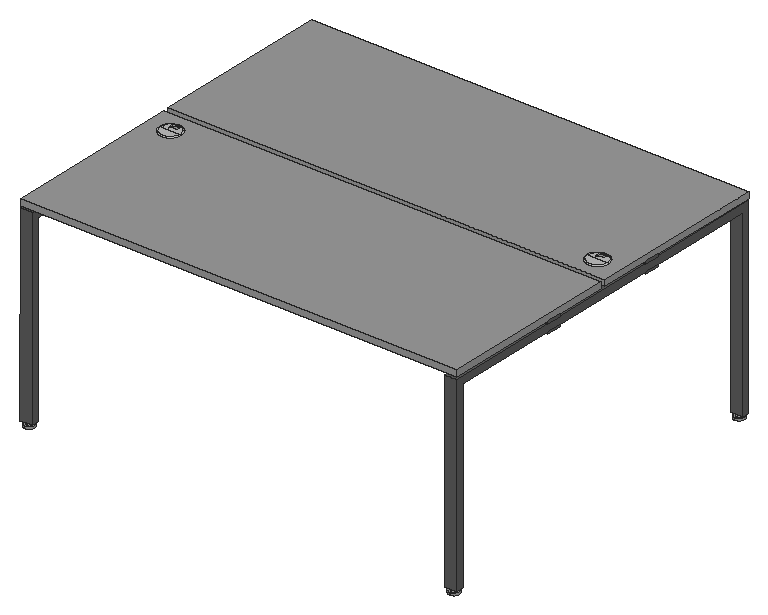
Revit family "Haworth_Tibas_Desk_DoubleWorkstations_AP_PRELIMINARY1", category Furniture, Revit 2019 (continued)
Definition of nested family "Haworth_Tibas_CableManagement_CableTraySingle-PART"
  Automatic sketch dimensions
    Extrusion 6 sketch curve to plane 4 "Top" = 41.438 mm
    Extrusion 7 sketch curve to plane 8 = 23.346 mm
    Extrusion 7 sketch curve to Extrusion 7 sketch curve = 1.2 mm  (x2)
    Extrusion 7 sketch curve to Extrusion 7 sketch curve = 0 mm  (x2)
    Extrusion 7 sketch curve to Extrusion 7 sketch curve = 28.781 mm
    plane 4 "Top" to Extrusion 7 sketch curve = 33.6 mm
    plane 5 to Extrusion 7 sketch curve = 2.2 mm
    Extrusion 8 sketch curve to plane 19 = 3 mm
    plane 21 to Extrusion 8 sketch curve = 2.993 mm
    Extrusion 9 sketch curve to Extrusion 9 sketch curve = 3 mm
    Extrusion 9 sketch curve to plane 23 = 2.993 mm
    Extrusion 10 sketch curve to plane 9 = 11.259 mm
    plane 5 to Extrusion 10 sketch curve = 2.2 mm
    Extrusion 10 sketch curve to plane 9 = 28.68 mm
    Extrusion 10 sketch curve to plane 8 = 24.546 mm  (x2)
    Extrusion 10 sketch curve to plane 4 "Top" = 13.4 mm
Definition of nested family "Haworth_Tibas_CableManagement_CableTrayDouble-PART"
  Parameters (values of type "Cable Tray Double")
    Warranty = "http://www.haworth.com/resources/product-info/warranties"
    URL - Product = "https://www.haworth.com/eu/products/tables/desks/tibas"
    URL = "https://www.haworth.com/ap/en.html"
    Size = "Verify Final Dim. w/ Haworth"  # constant formula
    Revision Number = "1"  # constant formula
    Model = "Haworth - Tibas"  # constant formula
    Manufacturer = "Haworth"  # constant formula
    Description = "Haworth - Tibas - Cable Tray Double - PART"  # constant formula
    Cable Tray Finish [instance] = none
    Author = "Haworth (Abd Rahman)"  # constant formula
    Assembly Code = "E2020200"
    Actual Width = 1500 mm
    Actual Height = 450 mm
    Actual Depth = 410 mm  # constant formula
  Reference planes
    plane 1: z = 0
    plane 2 "Center L/R": x = -156.859
    plane 3 "Center F/B": y = -292.1
    plane 4 "Top": z = 450
    plane 5: z = 340
    plane 6: x = -906.859
    plane 7: x = 593.141
    plane 8: y = -87.1
    plane 9: y = -497.1
    plane 10: x = -834.9
    plane 11: x = 528.1
    plane 12: x = -849.3
    plane 13: x = 536.1
    plane 14: x = -907.1
    plane 15: x = 593.9
  Forms (mm)
    Extrusion 1, solid, material <- "Cable Tray Finish"
      sketch origin (-156.859, 3.75, 0) x (0, 1, 0) y (0, 0, 1)
        loop
          line (-490.528, 445.8) -> (-457.535, 445.8) -> (-439.179, 341.7) -> (-437.997, 341.908) -> (-456.528, 447) -> (-490.528, 447) -> (-490.528, 445.8)
      from -750 to -692.441
    Extrusion 2, solid, material <- "Cable Tray Finish"
      sketch origin (-156.859, -586.009, 0) x (0, -1, 0) y (0, 0, -1)
        loop
          line (-490.528, -445.8) -> (-490.528, -447) -> (-456.528, -447) -> (-437.997, -341.908) -> (-439.179, -341.7) -> (-457.535, -445.8) -> (-490.528, -445.8)
      from -750 to -692.441
    Extrusion 3, solid, material <- "Cable Tray Finish"
      sketch origin (-156.859, 0, 0) x (0, 1, 0) y (0, 0, 1)
        loop
          line (-438.686, 372.714) -> (-433.129, 341.2) -> (-149.13, 341.2) -> (-143.573, 372.714) -> (-144.141, 373.525) -> (-144.952, 372.957) -> (-145.872, 367.737) -> (-145.076, 367.597) -> (-149.717, 341.9) -> (-432.542, 341.9) -> (-437.183, 367.597) -> (-436.387, 367.737) -> (-437.307, 372.957) -> (-438.118, 373.525) -> (-438.686, 372.714)
      from -750 to 750
    Extrusion 4, solid, material <- "Cable Tray Finish"
      sketch origin (-156.859, 0, 0) x (0, 1, 0) y (0, 0, 1)
        loop
          line (-130.715, 440) -> (-451.544, 440) -> (-434.123, 341.2) -> (-434.123, 340) -> (-148.136, 340) -> (-148.136, 341.2) -> (-130.715, 440)
      from -750.241 to -750
    Extrusion 5, solid, material <- "Cable Tray Finish"
      sketch origin (-156.859, 3.75, 0) x (0, 1, 0) y (0, 0, -1)
        loop
          line (-490.528, -445.8) -> (-490.528, -447) -> (-456.528, -447) -> (-437.997, -341.908) -> (-439.179, -341.7) -> (-457.535, -445.8) -> (-490.528, -445.8)
      from -750 to -692.959
    Extrusion 6, solid, material <- "Cable Tray Finish"
      sketch origin (-156.859, -587.95, 0) x (0, -1, 0) y (0, 0, 1)
        loop
          line (-490.528, 445.8) -> (-457.535, 445.8) -> (-439.179, 341.7) -> (-437.997, 341.908) -> (-456.528, 447) -> (-490.528, 447) -> (-490.528, 445.8)
      from -750 to -692.959
    Extrusion 7, solid, material <- "Cable Tray Finish"
      sketch origin (-156.859, 0, 0) x (0, 1, 0) y (0, 0, -1)
        loop
          line (-130.715, -440) -> (-148.136, -341.2) -> (-148.136, -340) -> (-434.123, -340) -> (-434.123, -341.2) -> (-451.544, -440) -> (-130.715, -440)
      from -750.759 to -750
    Extrusion 8, void
      sketch origin (-156.859, 0, 0) x (0, 1, 0) y (0, 0, 1)
        loop
          line (-267.629, 417) -> (-314.629, 417)
          arc (-314.629, 417) -> (-318.165, 415.536) -> (-319.629, 412) r 5
          line (-319.629, 412) -> (-319.629, 365)
          arc (-319.629, 365) -> (-318.165, 361.464) -> (-314.629, 360) r 5
          line (-314.629, 360) -> (-267.629, 360)
          arc (-267.629, 360) -> (-264.094, 361.464) -> (-262.629, 365) r 5
          line (-262.629, 365) -> (-262.629, 412)
          arc (-262.629, 412) -> (-264.094, 415.536) -> (-267.629, 417) r 5
        loop
          line (-317.629, 365) -> (-317.228, 363.5) -> (-316.129, 362.402) -> (-314.629, 362) -> (-267.629, 362) -> (-266.129, 362.402) -> (-265.031, 363.5) -> (-264.629, 365) -> (-264.629, 412) -> (-265.031, 413.5) -> (-266.129, 414.598) -> (-267.629, 415) -> (-314.629, 415) -> (-316.129, 414.598) -> (-317.228, 413.5) -> (-317.629, 412) -> (-317.629, 365)
      from -2562.987 to 2370.88
  Cuts and joins
    Extrusion 8 cuts Extrusion 4
    Extrusion 8 cuts Extrusion 7
    joined: Extrusion 1, Extrusion 2, Extrusion 3, Extrusion 4, Extrusion 5, Extrusion 7
  Lines and regions (mm)
    Masking region 1
      outline origin (0, 0, 0) x (1, 0, 0) y (0, 1, 0)
        loop
          line (-906.859, -87.1) -> (-906.859, -497.1) -> (593.141, -497.1) -> (593.141, -87.1) -> (-906.859, -87.1)
  Dimensions and locks
    "Actual Height": plane 4 "Top" to plane 1
    equal spacing: plane 8, plane 3 "Center F/B", plane 9
    "Actual Depth": plane 8 to plane 9
    equal spacing: plane 6, plane 2 "Center L/R", plane 7
    "Actual Width": plane 6 to plane 7
    "Actual Height": plane 4 "Top" to level
    plane 5 to plane 4 "Top" = 110 mm
    plane 11 to plane 13 to plane 7 to plane 15 = 8 mm locked, 57.041 mm locked, 0.759 mm locked
    plane 14 to plane 6 to plane 12 to plane 10 = 0.241 mm locked, 57.559 mm locked, 14.4 mm locked
    aligned and locked: Masking region 1 sketch curve to plane 8
    aligned and locked: Masking region 1 sketch curve to plane 6
    aligned and locked: Masking region 1 sketch curve to plane 9
    aligned and locked: plane 7 to Masking region 1 sketch curve
    aligned and locked: Extrusion 2 to plane 12
    aligned and locked: plane 6 to Extrusion 2
    aligned and locked: Extrusion 1 to plane 12
    aligned and locked: plane 6 to Extrusion 1
    aligned and locked: plane 14 to Extrusion 4
    aligned and locked: Extrusion 4 to plane 6
    aligned and locked: Extrusion 3 to plane 6
    aligned and locked: Extrusion 3 to plane 7
    aligned and locked: Extrusion 5 to plane 7
    aligned and locked: plane 13 to Extrusion 5
    aligned and locked: plane 13 to Extrusion 6
    aligned and locked: Extrusion 6 to plane 7
    aligned and locked: Extrusion 7 to plane 15
    aligned and locked: plane 7 to Extrusion 7
  Automatic sketch dimensions
    Extrusion 1 sketch curve to plane 4 "Top" = 4.2 mm
    Extrusion 1 sketch curve to plane 9 = 10.322 mm
    Extrusion 1 sketch curve to Extrusion 1 sketch curve = 32.993 mm
    Extrusion 1 sketch curve to plane 4 "Top" = 3 mm
    Extrusion 1 sketch curve to Extrusion 1 sketch curve = 1.007 mm
    Extrusion 1 sketch curve to plane 5 = 1.7 mm
    Extrusion 1 sketch curve to plane 9 = 61.671 mm
    Extrusion 1 sketch curve to plane 5 = 1.908 mm
    Extrusion 1 sketch curve to Extrusion 1 sketch curve = 1.182 mm
    plane 8 to Extrusion 2 sketch curve = 8.381 mm
    plane 4 "Top" to Extrusion 2 sketch curve = 4.2 mm
    Extrusion 2 sketch curve to Extrusion 2 sketch curve = 32.993 mm
    plane 4 "Top" to Extrusion 2 sketch curve = 3 mm
    Extrusion 2 sketch curve to Extrusion 2 sketch curve = 1.007 mm
    plane 5 to Extrusion 2 sketch curve = 1.7 mm
    plane 8 to Extrusion 2 sketch curve = 59.73 mm
    plane 5 to Extrusion 2 sketch curve = 1.908 mm
    Extrusion 2 sketch curve to Extrusion 2 sketch curve = 1.182 mm
    Extrusion 3 sketch curve to plane 9 = 58.414 mm
    Extrusion 3 sketch curve to Extrusion 3 sketch curve = 0.568 mm  (x2)
    Extrusion 3 sketch curve to Extrusion 3 sketch curve = 0.811 mm  (x4)
    Extrusion 3 sketch curve to plane 5 = 27.597 mm  (x2)
    Extrusion 3 sketch curve to Extrusion 3 sketch curve = 1.503 mm
    Extrusion 3 sketch curve to plane 5 = 27.737 mm  (x2)
    Extrusion 3 sketch curve to Extrusion 3 sketch curve = 0.796 mm  (x2)
    Extrusion 3 sketch curve to plane 5 = 1.2 mm
    Extrusion 3 sketch curve to Extrusion 3 sketch curve = 4.054 mm
    Extrusion 3 sketch curve to Extrusion 3 sketch curve = 0.587 mm  (x2)
    Extrusion 3 sketch curve to plane 5 = 1.9 mm
    Extrusion 3 sketch curve to plane 8 = 62.617 mm
    Extrusion 3 sketch curve to Extrusion 3 sketch curve = 3.845 mm
    Extrusion 3 sketch curve to Extrusion 3 sketch curve = 0.92 mm
    Extrusion 3 sketch curve to Extrusion 3 sketch curve = 5.117 mm  (x2)
    Extrusion 3 sketch curve to Extrusion 3 sketch curve = 0.243 mm  (x2)
    plane 5 to Extrusion 4 sketch curve = 0 mm
    Extrusion 4 sketch curve to plane 4 "Top" = 10 mm
    Extrusion 4 sketch curve to plane 9 = 45.556 mm
    Extrusion 4 sketch curve to plane 9 = 62.977 mm
    Extrusion 4 sketch curve to plane 8 = 61.036 mm
    Extrusion 4 sketch curve to plane 8 = 43.615 mm
    Extrusion 4 sketch curve to plane 5 = 1.2 mm  (x2)
    Extrusion 5 sketch curve to plane 4 "Top" = 4.2 mm
    Extrusion 5 sketch curve to plane 9 = 10.322 mm
    Extrusion 5 sketch curve to Extrusion 5 sketch curve = 32.993 mm
    Extrusion 5 sketch curve to plane 4 "Top" = 3 mm
    Extrusion 5 sketch curve to Extrusion 5 sketch curve = 1.007 mm
    Extrusion 5 sketch curve to plane 5 = 1.7 mm
    Extrusion 5 sketch curve to plane 9 = 61.671 mm
    Extrusion 5 sketch curve to plane 5 = 1.908 mm
    Extrusion 5 sketch curve to Extrusion 5 sketch curve = 1.182 mm
    Extrusion 6 sketch curve to plane 4 "Top" = 4.2 mm
    Extrusion 6 sketch curve to plane 8 = 10.322 mm
    Extrusion 6 sketch curve to Extrusion 6 sketch curve = 32.993 mm
    Extrusion 6 sketch curve to plane 4 "Top" = 3 mm
    Extrusion 6 sketch curve to Extrusion 6 sketch curve = 1.007 mm
    Extrusion 6 sketch curve to plane 5 = 1.7 mm
    Extrusion 6 sketch curve to plane 8 = 61.671 mm
    Extrusion 6 sketch curve to plane 5 = 1.908 mm
    Extrusion 6 sketch curve to Extrusion 6 sketch curve = 1.182 mm
    plane 5 to Extrusion 7 sketch curve = 0 mm
    Extrusion 7 sketch curve to plane 4 "Top" = 10 mm
    Extrusion 7 sketch curve to plane 9 = 45.556 mm
    Extrusion 7 sketch curve to plane 9 = 62.977 mm
    Extrusion 7 sketch curve to plane 8 = 61.036 mm
    Extrusion 7 sketch curve to plane 8 = 43.615 mm
    Extrusion 7 sketch curve to plane 5 = 1.2 mm  (x2)
    plane 3 "Center F/B" to Extrusion 8 sketch curve = 27.529 mm
    Extrusion 8 sketch curve to Extrusion 8 sketch curve = 2 mm  (x3)
    Extrusion 8 sketch curve to Extrusion 8 sketch curve = 0.402 mm  (x6)
    Extrusion 8 sketch curve to Extrusion 8 sketch curve = 1.098 mm  (x8)
    Extrusion 8 sketch curve to Extrusion 8 sketch curve = 1.5 mm  (x8)
    Extrusion 8 sketch curve to Extrusion 8 sketch curve = 0 mm  (x6)
    Extrusion 8 sketch curve to plane 3 "Center F/B" = 24.471 mm  (x2)
    Extrusion 8 sketch curve to plane 5 = 20 mm
    Extrusion 8 sketch curve to plane 4 "Top" = 38 mm
Definition of nested family "Haworth_Grommet-PART"
  Parameters (values of type "Cable Outlet")
    Warranty = "http://www.haworth.com/resources/product-info/warranties"
    Vertical = no
    URL = "www.haworth.com"
    Trim Finish = none
    Size = "Verify Final Dim. w/ Haworth"  # constant formula
    Revision Number = "1"  # constant formula
    Model = "X742"  # constant formula
    Manufacturer = "Haworth"  # constant formula
    Horizontal = yes
    Description = "Haworth - Cable Outlet - 25mm"  # constant formula
    Author = "Haworth (Abd Rahman)"  # constant formula
    Assembly Code = "E2020200"
    Actual Width = 90 mm  # constant formula
    Actual Height = 2 mm  # constant formula
    Actual Depth = 90 mm  # constant formula
  Reference planes
    plane 1: z = 522.232
    plane 2 "Center L/R": x = -156.859
    plane 3 "Center F/B": y = -292.1
    plane 4 "Top": z = 524.232
    plane 5 "Back": y = -247.1
    plane 6 "Front": y = -337.1
    plane 7 "Right": x = -111.859
    plane 8 "Left": x = -201.859
    plane 9: x = -155.05
  Forms (mm)
    Revolve 1, solid, material <- "Trim Finish", visible <- "Vertical"
      sketch origin (-679.273, -292.1, 366.305) x (0, 0, 1) y (1, 0, 0)
        loop
          line (156.859, 524.223) -> (115.684, 524.223)
          arc (115.684, 524.223) -> (113.98, 523.576) -> (112.576, 522.414) r 5.57
          line (112.576, 522.414) -> (156.859, 522.414) -> (156.859, 524.223)
        axis (156.859, 524.223) -> (156.859, 522.414)
      angle from 0 to 360
    Extrusion 2, void
      sketch origin (-679.273, 0.749, 366.305) x (0, 0, -1) y (0, 1, 0)
        loop
          line (-175.569, -260.506) -> (-173.333, -281.782)
          arc (-173.333, -281.782) -> (-171.796, -283.23) -> (-169.822, -282.479) r 1.989
          arc (-169.822, -282.479) -> (-169.186, -281.652) -> (-168.471, -280.891) r 10.616
          arc (-168.471, -280.891) -> (-163.186, -277.135) -> (-156.859, -275.721) r 16.402
          arc (-156.859, -275.721) -> (-151.781, -276.415) -> (-147.164, -278.643) r 16.402
          arc (-147.164, -278.643) -> (-145.025, -278.909) -> (-143.853, -277.099) r 2.03
          line (-143.853, -277.099) -> (-141.679, -258.137)
          arc (-141.679, -258.137) -> (-158.906, -255.293) -> (-175.569, -260.506) r 37.744
      from 0 to 711.2
    Revolve 3, solid, material <- "Trim Finish", visible <- "Horizontal"
      sketch origin (-0.331, -293.081, 0.151) x (-1, 0, 0) y (0, 0, 1)
        loop
          line (156.859, 524.08) -> (115.287, 524.08)
          arc (115.287, 524.08) -> (113.569, 523.343) -> (112.19, 522.08) r 5.592
          line (112.19, 522.08) -> (156.859, 522.08) -> (156.859, 524.08)
        axis (156.859, 524.08) -> (156.859, 522.08)
      angle from 0 to 360
    Extrusion 4, void
      sketch origin (-0.331, -0.232, 0.151) x (1, 0, 0) y (0, 1, 0)
        loop
          line (-175.569, -260.506) -> (-173.333, -281.782)
          arc (-173.333, -281.782) -> (-171.796, -283.23) -> (-169.822, -282.479) r 1.989
          arc (-169.822, -282.479) -> (-169.186, -281.652) -> (-168.471, -280.891) r 10.616
          arc (-168.471, -280.891) -> (-163.186, -277.135) -> (-156.859, -275.721) r 16.402
          arc (-156.859, -275.721) -> (-151.781, -276.415) -> (-147.164, -278.643) r 16.402
          arc (-147.164, -278.643) -> (-145.025, -278.909) -> (-143.853, -277.099) r 2.03
          line (-143.853, -277.099) -> (-141.679, -258.137)
          arc (-141.679, -258.137) -> (-158.906, -255.293) -> (-175.569, -260.506) r 37.744
      from 0 to 711.2
  Cuts and joins
    Extrusion 2 cuts Revolve 1
    Extrusion 4 cuts Revolve 3
  Lines and regions (mm)
    Masking region 1
      outline origin (0, 0, 0) x (1, 0, 0) y (0, 1, 0)
        loop
          circle (-156.859, -292.849) r 44.363
        loop
          circle (-156.859, -292.849) r 40.899
        loop
          line (-143.853, -277.099) -> (-141.679, -258.137)
          arc (-141.679, -258.137) -> (-158.906, -255.293) -> (-175.569, -260.506) r 37.744
          line (-175.569, -260.506) -> (-173.333, -281.782)
          arc (-173.333, -281.782) -> (-171.796, -283.23) -> (-169.822, -282.479) r 1.989
          arc (-169.822, -282.479) -> (-169.186, -281.652) -> (-168.471, -280.891) r 10.616
          arc (-168.471, -280.891) -> (-163.186, -277.135) -> (-156.859, -275.721) r 16.402
          arc (-156.859, -275.721) -> (-151.781, -276.415) -> (-147.164, -278.643) r 16.402
          arc (-147.164, -278.643) -> (-145.025, -278.909) -> (-143.853, -277.099) r 2.03
  Dimensions and locks
    equal spacing: plane 8 "Left", plane 2 "Center L/R", plane 7 "Right"
    "Actual Width": plane 8 "Left" to plane 7 "Right"
    equal spacing: plane 5 "Back", plane 3 "Center F/B", plane 6 "Front"
    "Actual Depth": plane 5 "Back" to plane 6 "Front"
    "Actual Height": plane 4 "Top" to plane 1
    aligned and locked: plane 3 "Center F/B" to cut or joined group of Revolve 1, Extrusion 2  (x2)
    aligned and locked: cut or joined group of Revolve 3, Extrusion 4 to plane 4 "Top"
    aligned and locked: cut or joined group of Revolve 3, Extrusion 4 to plane 1
    aligned and locked: cut or joined group of Revolve 1, Extrusion 2 to plane 2 "Center L/R"
    aligned and locked: plane 9 to cut or joined group of Revolve 1, Extrusion 2
  Automatic sketch dimensions
    Revolve 1 sketch curve to plane 1 = 43.35 mm
    Revolve 1 sketch curve to Revolve 1 sketch curve = 3.107 mm
    Revolve 1 sketch curve to Revolve 1 sketch curve = 1.099 mm
    Revolve 1 sketch curve to Revolve 1 sketch curve = 40.077 mm
    Revolve 1 sketch curve to plane 7 "Right" = 48.651 mm
    Revolve 1 sketch curve to Revolve 1 sketch curve = 3.651 mm
    Revolve 1 sketch curve to Revolve 1 sketch curve = 0 mm  (x2)
    Revolve 1 sketch curve to Revolve 1 sketch curve = 0.195 mm
    Extrusion 2 sketch curve to Extrusion 2 sketch curve = 0 mm  (x2)
    plane 1 to Extrusion 2 sketch curve = 19.643 mm
    Extrusion 2 sketch curve to Extrusion 2 sketch curve = 4.161 mm
    Extrusion 2 sketch curve to Extrusion 2 sketch curve = 10.307 mm
    Extrusion 2 sketch curve to Extrusion 2 sketch curve = 4.587 mm
    Extrusion 2 sketch curve to Extrusion 2 sketch curve = 0.242 mm
    Extrusion 2 sketch curve to Extrusion 2 sketch curve = 10.632 mm
    Extrusion 2 sketch curve to Extrusion 2 sketch curve = 2.03 mm
    Extrusion 2 sketch curve to Extrusion 2 sketch curve = 2.174 mm
    Extrusion 2 sketch curve to plane 5 "Back" = 45.096 mm
    Extrusion 2 sketch curve to Extrusion 2 sketch curve = 0.825 mm
    Extrusion 2 sketch curve to Extrusion 2 sketch curve = 3.588 mm
    Extrusion 2 sketch curve to Extrusion 2 sketch curve = 7.253 mm
    Extrusion 2 sketch curve to Extrusion 2 sketch curve = 15.02 mm
    Extrusion 2 sketch curve to Extrusion 2 sketch curve = 0.031 mm
    Extrusion 2 sketch curve to Extrusion 2 sketch curve = 20.772 mm
    Extrusion 2 sketch curve to Extrusion 2 sketch curve = 1.925 mm
    Extrusion 2 sketch curve to Extrusion 2 sketch curve = 1.586 mm
    Extrusion 2 sketch curve to Extrusion 2 sketch curve = 1.352 mm
    Extrusion 2 sketch curve to Extrusion 2 sketch curve = 10.976 mm
    Extrusion 2 sketch curve to Extrusion 2 sketch curve = 1.281 mm
    Masking region 1 sketch curve to Masking region 1 sketch curve = 0 mm  (x4)
    Masking region 1 sketch curve to plane 2 "Center L/R" = 0 mm  (x2)
    Masking region 1 sketch curve to plane 2 "Center L/R" = 4.242 mm
    Masking region 1 sketch curve to Masking region 1 sketch curve = 10.307 mm
    Masking region 1 sketch curve to plane 3 "Center F/B" = 10.318 mm
    Masking region 1 sketch curve to Masking region 1 sketch curve = 1.925 mm
    Masking region 1 sketch curve to plane 2 "Center L/R" = 18.71 mm
    plane 3 "Center F/B" to Masking region 1 sketch curve = 0.02 mm
    plane 2 "Center L/R" to Masking region 1 sketch curve = 0.345 mm
    plane 2 "Center L/R" to Masking region 1 sketch curve = 0.586 mm
    plane 2 "Center L/R" to Masking region 1 sketch curve = 10.976 mm
    Masking region 1 sketch curve to Masking region 1 sketch curve = 2.03 mm
    plane 2 "Center L/R" to Masking region 1 sketch curve = 15.18 mm
    plane 3 "Center F/B" to Masking region 1 sketch curve = 0.749 mm
    Masking region 1 sketch curve to Masking region 1 sketch curve = 0.096 mm
    Masking region 1 sketch curve to plane 3 "Center F/B" = 3.569 mm
    Masking region 1 sketch curve to Masking region 1 sketch curve = 0.504 mm
    Masking region 1 sketch curve to plane 3 "Center F/B" = 15.001 mm
    Masking region 1 sketch curve to Masking region 1 sketch curve = 0.031 mm
    Masking region 1 sketch curve to plane 5 "Back" = 13.406 mm
    Masking region 1 sketch curve to Masking region 1 sketch curve = 2.938 mm
    Masking region 1 sketch curve to Masking region 1 sketch curve = 1.586 mm
    Revolve 3 sketch curve to plane 7 "Right" = 0.663 mm
    Revolve 3 sketch curve to Revolve 3 sketch curve = 3.096 mm
    Revolve 3 sketch curve to Revolve 3 sketch curve = 1.316 mm
    Revolve 3 sketch curve to Revolve 3 sketch curve = 40.256 mm
    Revolve 3 sketch curve to plane 4 "Top" = 5.434 mm
    Revolve 3 sketch curve to Revolve 3 sketch curve = 3.434 mm
    Revolve 3 sketch curve to Revolve 3 sketch curve = 0 mm
    Revolve 3 sketch curve to Revolve 3 sketch curve = 0.151 mm  (x2)
    Extrusion 4 sketch curve to Extrusion 4 sketch curve = 0 mm  (x2)
    Extrusion 4 sketch curve to plane 7 "Right" = 64.042 mm
    Extrusion 4 sketch curve to Extrusion 4 sketch curve = 4.161 mm
    Extrusion 4 sketch curve to Extrusion 4 sketch curve = 10.307 mm
    Extrusion 4 sketch curve to Extrusion 4 sketch curve = 4.587 mm
    Extrusion 4 sketch curve to Extrusion 4 sketch curve = 0.242 mm
    Extrusion 4 sketch curve to Extrusion 4 sketch curve = 10.632 mm
    Extrusion 4 sketch curve to Extrusion 4 sketch curve = 2.03 mm
    Extrusion 4 sketch curve to Extrusion 4 sketch curve = 2.174 mm
    Extrusion 4 sketch curve to plane 5 "Back" = 46.077 mm
    Extrusion 4 sketch curve to Extrusion 4 sketch curve = 0.825 mm
    Extrusion 4 sketch curve to Extrusion 4 sketch curve = 3.588 mm
    Extrusion 4 sketch curve to Extrusion 4 sketch curve = 7.253 mm
    Extrusion 4 sketch curve to Extrusion 4 sketch curve = 15.02 mm
    Extrusion 4 sketch curve to Extrusion 4 sketch curve = 0.031 mm
    Extrusion 4 sketch curve to Extrusion 4 sketch curve = 20.772 mm
    Extrusion 4 sketch curve to Extrusion 4 sketch curve = 1.925 mm
    Extrusion 4 sketch curve to Extrusion 4 sketch curve = 1.586 mm
    Extrusion 4 sketch curve to Extrusion 4 sketch curve = 1.352 mm
    Extrusion 4 sketch curve to Extrusion 4 sketch curve = 10.976 mm
    Extrusion 4 sketch curve to Extrusion 4 sketch curve = 1.281 mm
    radius of Masking region 1 sketch curve = 44.363 mm
    radius of Masking region 1 sketch curve = 40.899 mm
Types (5, lengths in mm): name | With Screen | Top Depth | Round Cable Outlet | No Screen | No Accessory Kit | Flip Top Width | Flip Top Cable Outlet | Cable Tray Width | Cable Tray Single | Cable Tray Double | Actual Width | Actual Depth | Accessory Kit
  1400w | no | 1500 | yes | yes | no | 200 | no | 1100 | yes | no | 1400 | 1500 | yes
  1200w | yes | 689 | no | no | no | 200 | yes | 900 | no | yes | 1200 | 1400 | yes
  1500w | yes | 789 | no | no | yes | 200 | no | 1200 | no | no | 1500 | 1600 | no
  1600w | no | 1400 | no | yes | no | 200 | yes | 1300 | no | yes | 1600 | 1400 | yes
  1800w | yes | 739 | yes | no | no | 400 | no | 1500 | yes | no | 1800 | 1500 | yes
